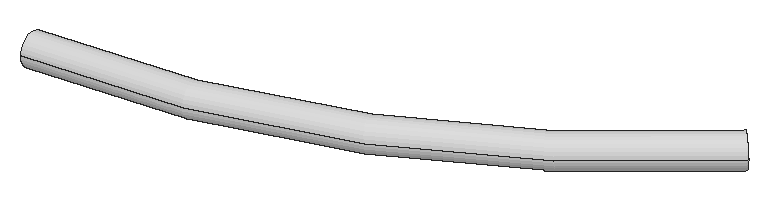
Revit family "PEX_Curva", category Pipe Fittings, Revit 2025
Family settings
  Round Connector Dimension = Use Diameter
  Part Type = Elbow
  OmniClass Number = 23.60.30.11.14
  OmniClass Title = Pipework Fittings
  Work Plane-Based = No
  Always vertical = Yes
  Cut with Voids When Loaded = No
  Shared = No
Parameters (values of type "Branco Normal")
  Ângulo 3 [instance] = 180.00° - Verificação Ângulo  # 135.00°
  Ângulo 2 Rad [instance] = (Ângulo 2 / 180.00°) * pi()  # 0.3927
  Ângulo 2 [instance] = Ângulo / 2  # 22.50°
  Ângulo [instance] = 45.00°
  Verificação Ângulo [instance] = abs(Ângulo)  # 45.00°
  URL = "https://www.ultrapex.com.br/_files/ugd/9f3173_32d47a29bbff48b5af4781a5d529eee8.pdf"
  ULTRAPEX: Versão = "00"  # constant formula
  ULTRAPEX: Norma Técnica = "NBR 15939"  # constant formula
  ULTRAPEX: Descrição = "Tubo PEX Branco Natural - ULTRAPEX"
  ULTRAPEX: Comprimento [instance] = Comprimento Curva  # 303.379 mm
  RN [instance] = Diâmetro Nominal / 2  # 8 mm
  Material = PEX Natural
  IfcExportAs = "IfcPipeFittingType"  # constant formula
  Raio Curvatura [instance] = 10
  Manufacturer = "UltraPEX"  # constant formula
  Default Elevation = 0 mm
  Diâmetro Nominal [instance] = 16 mm
  Description = "Não Listar"
  Cota R [instance] = ((Cota 3) / 2) / sin(Ângulo 2)  # 386.274 mm
  Cota 4 [instance] = sin(Verificação Ângulo) * Cota 1  # 113.137 mm
  Cota 3 [instance] = (Cota 1 * sin(Ângulo 3)) / sin(Ângulo 2)  # 295.641 mm
  Comprimento Curva [instance] = 2 * Ângulo 2 Rad * Cota R  # 303.379 mm
  Cota 2 [instance] = cos(Verificação Ângulo) * Cota 1  # 113.137 mm
  Cota 1 [instance] = Raio Curvatura * Diâmetro Nominal  # 160 mm
  Com Mola Curvadora = no
  Alerta [instance] = if(and(not(Com Mola Curvadora), Raio Curvatura < 10), 1 = 1, if(and(Com Mola Curvadora, Raio Curvatura < 2.5), 1 = 1, 1 = 0))  # no
  ATENÇÃO [instance] = "O raio mínimo da curvatura do tubo é de 10 vezes o diâmetro exterior. Quando usados curvadores (molas) o raio pode chegar a 2,5 vezes o diamêtro, no caso de uso de gabarito e soprador de ar quente."  # constant formula
Types (8, lengths in mm): name | ULTRAPEX: Descrição | ULTRAPEX: Comprimento | Material | Raio Curvatura | Cota R | Cota 4 | Cota 3 | Comprimento Curva | Cota 2 | Cota 1 | Com Mola Curvadora
  Roxo Normal | "Tubo PEX Roxo - ULTRAPEX" | 303.379 | PEX Roxo | 10 | 386.274 | 113.137 | 295.641 | 303.379 | 113.137 | 160 | no
  Branco Normal | "Tubo PEX Branco Natural - ULTRAPEX" | 303.379 | PEX Natural | 10 | 386.274 | 113.137 | 295.641 | 303.379 | 113.137 | 160 | no
  Vermelho Normal | "Tubo PEX Vermelho - ULTRAPEX" | 303.379 | PEX Vermelho | 10 | 386.274 | 113.137 | 295.641 | 303.379 | 113.137 | 160 | no
  Azul Normal | "Tubo PEX Azul - ULTRAPEX" | 303.379 | PEX Azul | 10 | 386.274 | 113.137 | 295.641 | 303.379 | 113.137 | 160 | no
  Azul Mola Curvadora | "Tubo PEX Azul - ULTRAPEX" | 91.014 | PEX Azul | 3 | 115.882 | 33.941 | 88.692 | 91.014 | 33.941 | 48 | yes
  Branco Mola Curvadora | "Tubo PEX Branco Natural - ULTRAPEX" | 91.014 | PEX Natural | 3 | 115.882 | 33.941 | 88.692 | 91.014 | 33.941 | 48 | yes
  Roxo Mola Curvadora | "Tubo PEX Roxo - ULTRAPEX" | 91.014 | PEX Roxo | 3 | 115.882 | 33.941 | 88.692 | 91.014 | 33.941 | 48 | yes
  Vermelho Mola Curvadora | "Tubo PEX Vermelho - ULTRAPEX" | 91.014 | PEX Vermelho | 3 | 115.882 | 33.941 | 88.692 | 91.014 | 33.941 | 48 | yes
Reference planes
  plane 1 "Centro (Frente/Trás)": y = 0
  plane 2: z = 0
  plane 3 "Centro (Esquerda/Direita)": x = 0
  plane 4: x = -160
  plane 5: y = 113.137
  plane 6: x = 113.137
Forms (mm)
  Sweep 1, solid, material "PEX Natural" <- "Material", detail levels fine
    path origin (0, 0, 0) x (1, 0, 0) y (0, 1, 0)
      loop
        arc (-160, 0) -> (-12.179, 29.403) -> (113.137, 113.137) r 386.274
    profile origin (-12.179, 29.403, 0) x (-0.382683, 0.92388, 0) y (0, 0, 1)
      loop
        circle (0, 0) r 8
Lines and regions (mm)
  reference lines
    curve 1: line (0, 0, 0) -> (-160, 0, 0)
    curve 2: line (0, 0, 0) -> (113.137, 113.137, 0)
    curve 3: arc (-160, 0, 0) -> (-12.179, 29.403, 0) -> (113.137, 113.137, 0) r 386.274
  model lines, detail levels coarse+medium
    curve 4: arc (-160, 0, 0) -> (-12.179, 29.403, 0) -> (113.137, 113.137, 0) r 386.274
Dimensions and locks
  "Cota 1": curve 2 to curve 2
  "Cota 1": curve 1 to curve 1
  "Cota 2": plane 3 "Centro (Esquerda/Direita)" to plane 6
  "Cota 1": plane 4 to plane 3 "Centro (Esquerda/Direita)"
  "Cota 4": plane 5 to plane 1 "Centro (Frente/Trás)"
  "Cota R": radius of curve 3
  "RN": radius of Sweep 1 sketch curve
  "Verificação Ângulo": angle plane 1 "Centro (Frente/Trás)" to curve 2
  "Verificação Ângulo": angle curve 4 to curve 4
  aligned and locked: plane 2 to level
  aligned and locked: curve 1 to plane 1 "Centro (Frente/Trás)"
  aligned and locked: plane 6 to curve 3
  aligned and locked: Sweep 1 sketch curve to curve 3
  aligned and locked: plane 5 to Sweep 1 sketch curve
  aligned and locked: plane 4 to Sweep 1 sketch curve
  aligned and locked: curve 4 to curve 3
Automatic sketch dimensions
  level to Sweep 1 sketch curve = 0 mm
  Sweep 1 sketch curve to profile plane = 0 mm
Connectors
  piping at (113.137, 113.137, 0), diameter 16, driven by "Diâmetro Nominal", driven by "Ângulo"
    settings: on Sweep 1, index 1, connector inside diameter 609.6 mm, connector length 0 mm, flow factor 0, pipe flow 0.0 L/s, pressure drop 0.0 Pa, fitting loss kfactor 0, connector angle 45.00°, fixture units 0, engagement length 0 mm, angle of deflection 0.00°, flow configuration 0, flow direction 0, fitting loss method 0, system type 28, joint type 0, gender type 0, connector reference index 2, connector utility 0, adjustable connector no, is connector primary no, connector description ""
  piping at (-160, 0, 0), diameter 16, driven by "Diâmetro Nominal", driven by "Ângulo"
    settings: on Sweep 1, index 2, connector inside diameter 609.6 mm, connector length 0 mm, flow factor 0, pipe flow 0.0 L/s, pressure drop 0.0 Pa, fitting loss kfactor 0, connector angle 45.00°, fixture units 0, engagement length 0 mm, angle of deflection 0.00°, flow configuration 0, flow direction 0, fitting loss method 0, system type 28, joint type 0, gender type 0, connector reference index 1, connector utility 0, adjustable connector no, is connector primary yes, connector description ""
